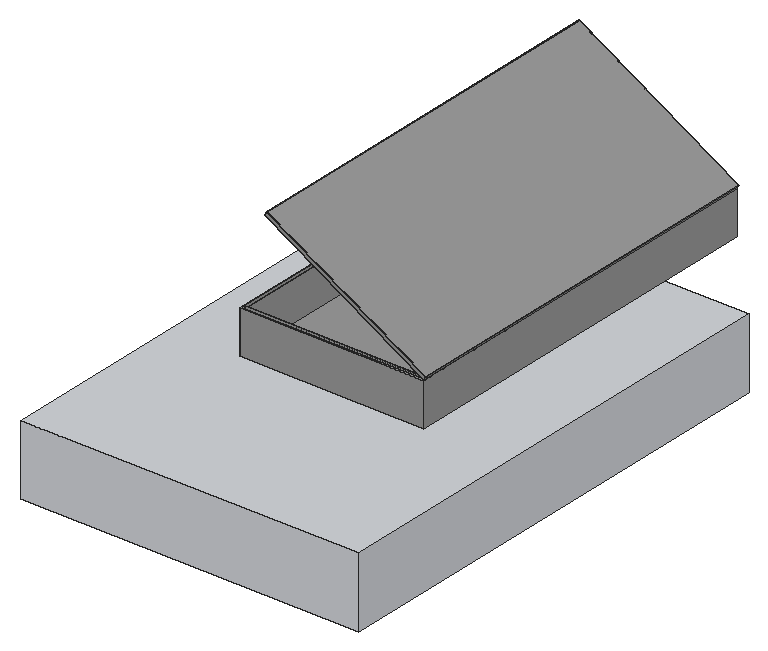
Revit family "Hager-Univers-IP54-D205-H1700-Cl.I-Encl-CH-en", category Equipement électrique, Revit 2020
Family settings
  Hôte = Face
  Configuration du panneau = Deux colonnes, circuits au sein
  Cote de connecteur circulaire = Utiliser le diamètre
  Type d'élément = Tableau de raccordement
  Couper avec des vides une fois chargée = Non
  Partagée = Non
  Point de calcul de pièce = Non
Parameters (values of type "Surface mounted (plaster) IP54 W800 H1700 D205  - FP13TW2")
  Width Control [instance] = if([EF000008 - Width] > Min Width, [EF000008 - Width], Min Width)  # 800 mm
  Commentaires du type = [HG000003 - Range]  # "Univers"
  Thickness Door [instance] = if([EF009171 - Material plate thickness door/cover] > 3 mm, 3 mm, [EF009171 - Material plate thickness door/cover])  # 1 mm
  Seal Frame Offset [instance] = 17 mm  # constant formula
  Plinth Visibility [instance] = [HG000027 - Plinth height] > 0 mm  # no
  Model = ""
  Min Width [instance] = 100 mm  # constant formula
  Min Height [instance] = 100 mm  # constant formula
  Min Depth [instance] = (2 * [EF009170 - Material plate thickness cabinet]) + 1 mm  # 3 mm
  Internal Frame Depth [instance] = (Door System Depth * 0.5)  # 9 mm
  Height Control [instance] = if([EF000040 - Height] > Min Height, [EF000040 - Height], Min Height)  # 1700 mm
  HG000027 - Plinth height = 0 mm
  HG000026 - Floor standing = no
  HG000024 - Bottom section height = 800 mm
  HG000023 - Double section enclosure = no
  HG000016 - Door 3d visibility [instance] = yes
  HG000015 - Clearance visibility [instance] = no
  HG000014 - Door on the right [instance] = yes
  HG000013 - Door on the left [instance] = not([HG000014 - Door on the right])  # no
  HG000012 - Door swing angle [instance] = 30.00°
  HG000010 - Asymmetric doors = no
  HG000009 - Double swing door = no
  HG000006 - Flush mounted = no
  HG000004 - Manufacturer reference = "FP13TW2"
  HG000003 - Range = "Univers"
  HG000002 - With door or cover = yes
  Frame Offset Bottom [instance] = 10 mm  # constant formula
  Frame Offset [instance] = 15 mm  # constant formula
  EF015940 - Cover with overpressure release = no
  EF011959 - Degree of protection (NEMA) = ""
  EF009554 - Number of openings for flange plates = 6
  EF009212 - Cover model = "EV000116 - Closed"
  EF009171 - Material plate thickness door/cover = 1 mm
  EF009170 - Material plate thickness cabinet = 1 mm
  Fabricant = "Hager"  # constant formula
  EF008873 - Nominal current (In) = 400 A
  EF007800 - Suitable for lightning protection = no
  EF006306 - With lock = no
  EF006244 - Transparent cover/door = no
  EF005474 - Degree of protection (IP) = "EV006419 - IP54"
  EF004464 - Type of door = "EV002646 - Single"
  EF004427 - Number of modules = 396
  EF004293 - Impact strength = "EV006815 - IK09"
  EF003532 - Suitable for outdoor use = no
  EF002950 - Width in number of modular spacings = 36
  EF001613 - Circuit integrity = "EV000494 - None"
  EF001596 - Material housing = "EV000179 - Steel"
  EF001131 - Internal depth = 205 mm
  EF001088 - Extension possible = yes
  EF000437 - Number of conduit inlets = 6
  EF000339 - Type of cover = "EV001012 - Cover"
  EF000266 - Number of rows = 11
  EF000218 - Built-in depth = 205 mm
  EF000118 - With mounting plate = no
  EF000116 - RAL-number = "9010"
  EF000049 - Depth = 205 mm
  EF000040 - Height = 1700 mm
  EF000008 - Width = 800 mm
  EF000007 - Colour = "EV000202 - White"
  EF000003 - Mounting method = "EV000384 - Surface mounted (plaster)"
  Door System Leaf Tolerance [instance] = 1.5 mm  # constant formula
  Door System Depth [instance] = 18 mm  # constant formula
  Door Height [instance] = Height Control - [HG000027 - Plinth height]  # 1700 mm
  Depth Control [instance] = if([EF000049 - Depth] > Min Depth, [EF000049 - Depth], Min Depth)  # 205 mm
  Default Elevation = 0 mm
  Connector Offset [instance] = Height Control / 2  # 850 mm
  Bottom Top Plate Trim [instance] = 1.5 mm  # constant formula
  Plinth height Ctrl [instance] = if([HG000027 - Plinth height] > 0 mm, [HG000027 - Plinth height], 12 mm)  # 12 mm
Types (5, lengths in mm): name | Width Control | HG000009 - Double swing door | HG000004 - Manufacturer reference | EF009554 - Number of openings for flange plates | EF008873 - Nominal current (In) | EF004464 - Type of door | EF004427 - Number of modules | EF002950 - Width in number of modular spacings | EF000437 - Number of conduit inlets | EF000008 - Width
  Surface mounted (plaster) IP54 W1050 H1700 D205  - FP14TW2 | 1050 | yes | "FP14TW2" | 8 | 400 A | "EV003602 - Double" | 528 | 48 | 8 | 1050
  Surface mounted (plaster) IP54 W1300 H1700 D205  - FP15TW2 | 1300 | no | "FP15TW2" | 10 | 400 A | "EV003602 - Double" | 660 | 60 | 10 | 1300
  Surface mounted (plaster) IP54 W300 H1700 D205  - FP11TW2 | 300 | no | "FP11TW2" | 2 | 250 A | "EV002646 - Single" | 132 | 12 | 2 | 300
  Surface mounted (plaster) IP54 W550 H1700 D205  - FP12TW2 | 550 | no | "FP12TW2" | 4 | 250 A | "EV002646 - Single" | 264 | 24 | 4 | 550
  Surface mounted (plaster) IP54 W800 H1700 D205  - FP13TW2 | 800 | no | "FP13TW2" | 6 | 400 A | "EV002646 - Single" | 396 | 36 | 6 | 800
Reference planes
  plane 1 "Center (Front/Back)": y = 0
  plane 2: z = 0
  plane 3 "Center (Left/Right)": x = 0
  plane 4: z = 205
  plane 5: y = 1
  plane 6: y = 850
  plane 7: y = 0
  plane 8: y = 1700
  plane 9: z = 0
  plane 10: x = -385
  plane 11: x = 385
  plane 12: x = 384
  plane 13: x = -384
  plane 14: y = 1699
  plane 15: x = -383
  plane 16: x = -400
  plane 17: x = 383
  plane 18: x = 400
  plane 19: x = 399
  plane 20: x = -399
  plane 21: y = 11
  plane 22: y = 1700
  plane 23: y = 1684
  plane 24: z = 187
  plane 25: z = 1
  plane 26: z = 186
  plane 27: z = 204
Forms (mm)
  Extrusion 1, solid
    sketch origin (0, 0, 0) x (1, 0, 0) y (0, 1, 0)
      loop
        line (-702.964, 1305) -> (-702.964, -811.445) -> (766.763, -811.445) -> (766.763, 1305) -> (-702.964, 1305)
    from 0 to -304.8
  Extrusion 2, solid, material "Hager_Steel_RAL7035_Light_Grey", visible <- "Plinth Visibility", detail levels medium+fine
    sketch origin (0, 0, 0) x (1, 0, 0) y (0, 1, 0)
      loop
        line (-400, 0) -> (400, 0) -> (400, 12) -> (-400, 12) -> (-400, 0)
    from 0 to 187
  Extrusion 3, solid, material "Hager_Steel_RAL7035_Light_Grey", detail levels medium+fine
    sketch origin (0, 0, 0) x (1, 0, 0) y (0, 1, 0)
      loop
        line (-400, 0) -> (400, 0) -> (400, 1700) -> (-400, 1700) -> (-400, 0)
    from 0 to 187
  Extrusion 4, void
    sketch origin (0, 0, 0) x (1, 0, 0) y (0, 1, 0)
      loop
        line (-399, 1) -> (399, 1) -> (399, 1699) -> (-399, 1699) -> (-399, 1)
    from 1 to 186
  Extrusion 5, void
    sketch origin (-381.607, -4572, 187) x (0, -1, 0) y (-1, 0, 0)
      loop
        line (-4583, 2.393) -> (-6256, 2.393) -> (-6256, -765.607) -> (-4583, -765.607) -> (-4583, 2.393)
    from 0 to 1 <- "EF009170 - Material plate thickness cabinet"
  Extrusion 6, solid, material "Hager_Steel_RAL7035_Light_Grey", detail levels fine
    sketch origin (0, 0, 187) x (1, 0, 0) y (0, 1, 0)
      loop
        line (-384, 1684) -> (-384, 11) -> (384, 11) -> (384, 1684) -> (-384, 1684)
      loop
        line (-385, 10) -> (385, 10) -> (385, 1685) -> (-385, 1685) -> (-385, 10)
    from 0 to 9 <- "Internal Frame Depth"
  Extrusion 7, solid, material "Hager_Steel_RAL7035_Light_Grey", detail levels coarse
    sketch origin (0, 0, 0) x (1, 0, 0) y (0, 1, 0)
      loop
        line (-400, 0) -> (400, 0) -> (400, 1700) -> (-400, 1700) -> (-400, 0)
    from 0 to 205
  Sweep 8, void
    path in 3D
      loop
        line (-400, 12, 0) -> (400, 12, 0) -> (400, 12, 187) -> (-400, 12, 187) -> (-400, 12, 0)
    profile origin (-400, 12, 93.5) x (-1, 0, 0) y (0, -1, 0)
      loop
        line (0, 0) -> (0, 1.5) -> (-1.5, 1.5)
        arc (-1.5, 1.5) -> (-1.061, 0.439) -> (0, 0) r 1.5
Cuts and joins
  Extrusion 4, Extrusion 5 cuts Extrusion 3
  Sweep 8 cuts Extrusion 2
Lines and regions (mm)
  Masking region 1
    outline origin (0, 0, 0) x (1, 0, 0) y (0, 0, 1)
      loop
        line (-400, 205) -> (-400, 0) -> (400, 0) -> (400, 205) -> (-400, 205)
  Masking region 2, detail levels medium+fine
    outline origin (0, 140, 0) x (0, 1, 0) y (0, 0, 1)
      loop
        line (-140, 0) -> (1560, 0) -> (1560, 187) -> (-140, 187) -> (-140, 0)
  Masking region 3, not visible, detail levels medium+fine
    outline origin (0, 297.922, 0) x (0, 1, 0) y (0, 0, 1)
      loop
        line (563.578, 0) -> (603.578, 0) -> (603.578, 194)
        arc (603.578, 194) -> (600.649, 201.071) -> (593.578, 204) r 10
        line (593.578, 204) -> (563.578, 204) -> (563.578, 0)
  Masking region 4, detail levels coarse
    outline origin (0, 0, 180) x (0, 1, 0) y (0, 0, 1)
      loop
        line (0, -180) -> (1700, -180) -> (1700, 25) -> (0, 25) -> (0, -180)
  Masking region 5, visible <- "Plinth Visibility", detail levels medium+fine
    outline origin (0, 52.24, 12.345) x (0, 0, -1) y (0, 1, 0)
      loop
        line (10.845, -40.24) -> (-173.155, -40.24)
        arc (-173.155, -40.24) -> (-173.594, -41.301) -> (-174.655, -41.74) r 1.5
        line (-174.655, -41.74) -> (-174.655, -52.24) -> (12.345, -52.24) -> (12.345, -41.74)
        arc (12.345, -41.74) -> (11.285, -41.301) -> (10.845, -40.24) r 1.5
  Masking region 6, detail levels medium+fine
    outline origin (-381.607, -4572, 187) x (-1, 0, 0) y (0, -1, 0)
      loop
        line (18.393, -6272) -> (18.393, -4572) -> (-781.607, -4572) -> (-781.607, -6272) -> (18.393, -6272)
  Masking region 7, visible <- "Plinth Visibility", detail levels medium+fine
    outline origin (-381.607, -4727, 187) x (-1, 0, 0) y (0, -1, 0)
      loop
        arc (16.893, -4739) -> (17.332, -4737.939) -> (18.393, -4737.5) r 1.5
        line (18.393, -4737.5) -> (18.393, -4727) -> (-781.607, -4727) -> (-781.607, -4737.5)
        arc (-781.607, -4737.5) -> (-780.546, -4737.939) -> (-780.107, -4739) r 1.5
        line (-780.107, -4739) -> (16.893, -4739)
  Masking region 8, detail levels coarse
    outline origin (-442.548, -4669.526, 187) x (-1, 0, 0) y (0, -1, 0)
      loop
        line (-42.548, -6369.526) -> (-42.548, -4669.526) -> (-842.548, -4669.526) -> (-842.548, -6369.526) -> (-42.548, -6369.526)
  sketch lines
    curve 1: line (-400, 12, 187) -> (-400, 12, 0)
    curve 2: line (400, 12, 187) -> (-400, 12, 187)
    curve 3: line (400, 12, 187) -> (400, 12, 0)
    curve 4: line (-400, 12, 0) -> (400, 12, 0)
Dimensions and locks
  "Depth Control": plane 4 to Extrusion 1
  "HG000027 - Plinth height": plane 1 "Center (Front/Back)" to plane 7
  "EF009170 - Material plate thickness cabinet": plane 5 to plane 7
  locked: connector elem to plane 3 "Center (Left/Right)"
  equal spacing: plane 8, plane 6, plane 7
  locked: connector elem to plane 6
  "EF009170 - Material plate thickness cabinet": plane 8 to plane 14
  "EF009170 - Material plate thickness cabinet": plane 10 to plane 13
  "EF009170 - Material plate thickness cabinet": plane 12 to plane 11
  "Frame Offset": plane 20 to plane 13
  "Frame Offset": plane 12 to plane 19
  "EF009170 - Material plate thickness cabinet": plane 16 to plane 20
  "EF009170 - Material plate thickness cabinet": plane 19 to plane 18
  "Seal Frame Offset": plane 16 to plane 15
  "Seal Frame Offset": plane 17 to plane 18
  "Frame Offset Bottom": plane 21 to plane 5
  "Frame Offset": plane 14 to plane 23
  equal spacing: plane 16, plane 3 "Center (Left/Right)", plane 18
  "Width Control": plane 16 to plane 18
  "EF009170 - Material plate thickness cabinet": plane 4 to plane 27
  "EF009170 - Material plate thickness cabinet": plane 24 to plane 26
  "EF009170 - Material plate thickness cabinet": plane 25 to level
  "Door System Depth": plane 4 to plane 24
  "Height Control": plane 1 "Center (Front/Back)" to Extrusion 7 sketch curve
  "Height Control": Masking region 4 sketch curve to plane 1 "Center (Front/Back)"
  "Height Control": plane 1 "Center (Front/Back)" to plane 22
  "Bottom Top Plate Trim": profile plane to Sweep 8 sketch curve
  "Bottom Top Plate Trim": Sweep 8 sketch curve to profile plane
  "Plinth height Ctrl": plane 1 "Center (Front/Back)" to Extrusion 2 sketch curve
  "Plinth height Ctrl": Masking region 5 sketch curve to plane 1 "Center (Front/Back)"
  "Plinth height Ctrl": plane 1 "Center (Front/Back)" to Masking region 7 sketch curve
  "Thickness Door": Extrusion 6 sketch curve to Extrusion 6 sketch curve  (x3)
  "Thickness Door": cut or joined group of Extrusion 3, Extrusion 4, Extrusion 5 to Extrusion 6 sketch curve
  radius of Masking region 3 sketch curve = 10 mm
  "Bottom Top Plate Trim": radius of Masking region 5 sketch curve  (x2)
  "Bottom Top Plate Trim": radius of Sweep 8 sketch curve
  "Bottom Top Plate Trim": radius of Masking region 7 sketch curve  (x2)
  aligned and locked: plane 2 to Extrusion 1
  aligned and locked: level to Extrusion 1
  aligned and locked: level to Masking region 1 sketch curve
  aligned and locked: Masking region 1 sketch curve to plane 18
  aligned and locked: Masking region 1 sketch curve to plane 16
  aligned and locked: plane 7 to Masking region 2 sketch curve
  aligned and locked: level to Masking region 3 sketch curve
  aligned and locked: Masking region 3 sketch curve to plane 27
  aligned and locked: level to Masking region 2 sketch curve
  aligned and locked: plane 1 "Center (Front/Back)" to Extrusion 2 sketch curve
  aligned and locked: Extrusion 3 sketch curve to plane 7
  aligned and locked: plane 16 to Extrusion 3 sketch curve
  aligned and locked: plane 18 to Extrusion 3 sketch curve
  aligned and locked: plane 20 to Extrusion 4 sketch curve
  aligned and locked: plane 19 to Extrusion 4 sketch curve
  aligned and locked: Extrusion 4 sketch curve to plane 5
  aligned and locked: Extrusion 4 to plane 25
  aligned and locked: plane 26 to Extrusion 4
  aligned and locked: plane 24 to Extrusion 3
  aligned and locked: Extrusion 5 sketch curve to plane 21
  aligned and locked: Extrusion 5 sketch curve to plane 13
  aligned and locked: Extrusion 5 sketch curve to plane 12
  aligned and locked: plane 18 to Extrusion 7 sketch curve
  aligned and locked: plane 1 "Center (Front/Back)" to Extrusion 7 sketch curve
  aligned and locked: plane 16 to Extrusion 7 sketch curve
  aligned and locked: plane 4 to Extrusion 7
  aligned and locked: Extrusion 7 to level
  aligned and locked: level to Masking region 4 sketch curve
  aligned and locked: Masking region 4 sketch curve to plane 1 "Center (Front/Back)"
  aligned and locked: Masking region 4 sketch curve to plane 4
  aligned and locked: nested 1 to level
  aligned and locked: nested 1 to plane 16
  aligned and locked: plane 8 to Extrusion 3 sketch curve
  aligned and locked: plane 23 to Extrusion 5 sketch curve
  aligned and locked: plane 14 to Extrusion 4 sketch curve
  aligned and locked: Masking region 2 sketch curve to plane 8
  aligned and locked: level to Masking region 5 sketch curve
  aligned and locked: plane 16 to Extrusion 2 sketch curve
  aligned and locked: plane 18 to Extrusion 2 sketch curve
  aligned and locked: Masking region 5 sketch curve to plane 24
  aligned and locked: Masking region 2 sketch curve to plane 24
  aligned and locked: plane 24 to Extrusion 2
  aligned and locked: profile plane to Sweep 8 sketch curve  (x2)
  aligned and locked: Masking region 6 sketch curve to plane 18
  aligned and locked: Masking region 6 sketch curve to plane 22
  aligned and locked: Masking region 6 sketch curve to plane 16
  aligned and locked: plane 8 to plane 22
  aligned and locked: Masking region 6 sketch curve to plane 7
  aligned and locked: Masking region 7 sketch curve to plane 16
  aligned and locked: Masking region 7 sketch curve to plane 1 "Center (Front/Back)"
  aligned and locked: Masking region 7 sketch curve to plane 18
  aligned and locked: Masking region 8 sketch curve to plane 1 "Center (Front/Back)"
  aligned and locked: Masking region 8 sketch curve to plane 18
  aligned and locked: Masking region 8 sketch curve to plane 22
  aligned and locked: Masking region 8 sketch curve to plane 16
  aligned and locked: nested 2 to plane 7
  aligned and locked: plane 3 "Center (Left/Right)" to nested 2
  aligned and locked: nested 2 to plane 24
  aligned and locked: Extrusion 6 sketch curve to cut or joined group of Extrusion 3, Extrusion 4, Extrusion 5  (x4)
Automatic sketch dimensions
  Extrusion 1 sketch curve to Extrusion 1 sketch curve = 1469.727 mm
  Extrusion 1 sketch curve to Extrusion 1 sketch curve = 2116.445 mm
  Masking region 1 sketch curve to plane 4 = 0 mm
  plane 6 to Masking region 3 sketch curve = 11.5 mm
  Masking region 3 sketch curve to Masking region 3 sketch curve = 30 mm
  Masking region 5 sketch curve to plane 1 "Center (Front/Back)" = 0 mm
Nested families
  nested 1: "Hager_Enclosure_Symbol" at (-400, 0, 0) x (1, 0, 0) z (0, -1, 0), Height <- "Depth Control", Width <- "Width Control", type "Hager_Enclosure_Symbol"
    with Width_Ctrl 800 mm, Width 800 mm, Height_Ctrl 205 mm, Height 205 mm, A_Width_Int 13.453 mm, A_Width 161.438 mm, A_Height_Ctrl 179.375 mm, A_Height 179.375 mm
  nested 2: "EC000058_Univers_Door" at (0, 0, 187) x (1, 0, 0) z (0, 1, 0), Leaf_Tolerance <- "Door System Leaf Tolerance", Angle <- "HG000012 - Door swing angle", Door_Depth <- "Door System Depth", Door_Left <- "HG000013 - Door on the left", Transparent <- "EF006244 - Transparent cover/door", Assymetrical <- "HG000010 - Asymmetric doors", Width <- "Width Control", Clearance <- "HG000015 - Clearance visibility", Double <- "HG000009 - Double swing door", 3d_Door <- "HG000016 - Door 3d visibility", Lock_Visibility <- "EF006306 - With lock", Width_Ctrl <- "Width Control", Door_Right <- "HG000014 - Door on the right", Door <- "HG000002 - With door or cover", Height <- "Door Height", Thickness <- "Thickness Door", type "EC000058_Univers_Door", detail levels medium+fine
    with min_wh 3 mm, Width_Ctrl 800 mm, Width 800 mm, Transparent no, Thickness 1 mm, Seal_Material Hager_Rubber, Lock_Visibility no, Lock_Material Hager_Plastic_RAL9005_Jet_Black, Leaf_Width 800 mm, Leaf_Tolerance_External_Sides 0 mm, Leaf_Tolerance 1.5 mm, Leaf_Offset 0 mm, Leaf_Height 1697 mm, Leaf_2_Width 800 mm, Leaf_2_Offset 400 mm, Leaf_1_Width 800 mm, Leaf_1_Offset 400 mm, Height_Ctrl 1700 mm, Height 1700 mm, Glass_Material Hager_Glass, Double_Clearance_Ctrl no, Double no, Door_Right_Ctrl yes, Door_Right yes, Door_Material Hager_Steel_RAL7035_Light_Grey, Door_Left_Ctrl no, Door_Left no, Door_Depth 18 mm, Door yes, Clearance_Material Hager_Clearance, Clearance_Depth 800 mm, Clearance_Ctrl no, Clearance no, Assymetrical no, Angle 30.00°, 3d_Door yes
Connectors
  electrical at (0, 850, 0)
    settings: on plane 9, index 1, voltage 0 V, apparent load 0 VA, apparent load phase1 0 VA, apparent load phase2 0 VA, apparent load phase3 0 VA, power factor 1, load classification "Other", number of poles 1, system type 30, power factor state 1, is connector primary yes, connector utility no, sub classification motor no, connector description ""
Definition of nested family "EC000058_Univers_Door"
  Parameters (values of type "EC000058_Univers_Door")
    min_wh [instance] = (2 * Thickness) + 1 mm  # 11 mm
    Width_Ctrl [instance] = 400 mm
    Width [instance] = 500 mm
    Transparent [instance] = yes
    Thickness [instance] = 5 mm
    Seal_Material [instance] = none
    Lock_Visibility [instance] = yes
    Lock_Material [instance] = none
    Leaf_Width [instance] = if((Width_Ctrl - 2 * Leaf_Tolerance_External_Sides) > 0 mm, (Width_Ctrl - 2 * Leaf_Tolerance_External_Sides), min_wh)  # 400 mm
    Leaf_Tolerance_External_Sides [instance] = 0 mm  # constant formula
    Leaf_Tolerance [instance] = 1.5 mm
    Leaf_Offset [instance] = 0 mm  # constant formula
    Leaf_Height [instance] = if((Height_Ctrl - 2 * Leaf_Tolerance) > 0 mm, (Height_Ctrl - 2 * Leaf_Tolerance), min_wh)  # 497 mm
    Leaf_2_Width [instance] = if(and(and(Double, Assymetrical), Door_Left), (Leaf_Width / 3) - (Leaf_Tolerance / 2), if(and(and(Double, Assymetrical), Door_Right), (Leaf_Width / 3) * 2 - (Leaf_Tolerance / 2), if(and(Double, not(Assymetrical)), (Leaf_Width / 2) - Leaf_Tolerance, Leaf_Width)))  # 400 mm
    Leaf_2_Offset [instance] = if(and(Double, Assymetrical), Leaf_2_Width / 2, if(and(Double, not(Assymetrical)), Leaf_Width / 4, Leaf_Width / 2))  # 200 mm
    Leaf_1_Width [instance] = if(and(and(Double, Assymetrical), Door_Right), (Leaf_Width / 3) - (Leaf_Tolerance / 2), if(and(and(Double, Assymetrical), Door_Left), (Width / 3) * 2 - (Leaf_Tolerance / 2), if(and(Double, not(Assymetrical)), (Leaf_Width / 2) - Leaf_Tolerance, Leaf_Width)))  # 400 mm
    Leaf_1_Offset [instance] = if(and(Double, Assymetrical), Leaf_1_Width / 2, if(and(Double, not(Assymetrical)), Leaf_Width / 4, Leaf_Width / 2))  # 200 mm
    Height_Ctrl [instance] = if(Height > min_wh, Height, min_wh)  # 500 mm
    Height [instance] = 500 mm
    Glass_Material [instance] = none
    Double_Clearance_Ctrl [instance] = and(Double, Clearance)  # no
    Double [instance] = no
    Door_Right_Ctrl [instance] = and(or(Door_Right, Double), Door)  # yes
    Door_Right [instance] = yes
    Door_Material [instance] = none
    Door_Left_Ctrl [instance] = and(or(Door_Left, Double), Door)  # no
    Door_Left [instance] = no
    Door_Depth [instance] = 30 mm
    Door [instance] = yes
    Default Elevation = 1219.2 mm
    Clearance_Material [instance] = none
    Clearance_Depth [instance] = if(Leaf_1_Width > Leaf_2_Width, Leaf_1_Width, Leaf_2_Width)  # 400 mm
    Clearance_Ctrl [instance] = and(not(Double), Clearance)  # yes
    Clearance [instance] = yes
    Assymetrical [instance] = yes
    Angle [instance] = 30.00°
    3d_Door [instance] = yes
  Reference planes
    plane 1 "Center (Front/Back)": y = 0
    plane 2 "Bottom": z = 0
    plane 3 "Center (Left/Right)": x = 0
    plane 4: z = 500
    plane 5: x = -200
    plane 6: x = 200
    plane 7: z = 500
    plane 8: x = -200
    plane 9: z = 0
    plane 10: x = 200
    plane 11: y = 0
    plane 12: z = 1.5
    plane 13: x = -600
    plane 14: y = -400
    plane 15: x = 600
    plane 16: x = 0
    plane 17: x = 0
    plane 18: x = -200
    plane 19: x = 200
    plane 20: z = 498.5
  Forms (mm)
    Extrusion 1, solid, material <- "Clearance_Material", visible <- "Double_Clearance_Ctrl"
      sketch origin (1200, 0, 0) x (1, 0, 0) y (0, 0, -1)
        loop
          line (-1800, -498.5) -> (-600, -498.5) -> (-600, 0) -> (-1800, 0) -> (-1800, -498.5)
      from 0 to -400
  Dimensions and locks
    equal spacing: plane 5, plane 3 "Center (Left/Right)", plane 6
    "Width_Ctrl": plane 5 to plane 6
    "Leaf_Offset": plane 5 to plane 8
    "Leaf_Offset": plane 6 to plane 10
    "Leaf_Offset": plane 9 to level
    "Leaf_Offset": plane 4 to plane 7
    "Height_Ctrl": plane 4 to level
    "Leaf_Tolerance": plane 12 to plane 9
    locked: plane 11 to plane 1 "Center (Front/Back)"
    "Leaf_1_Offset": plane 18 to plane 16
    "Leaf_2_Offset": plane 17 to plane 19
    "Leaf_1_Width": plane 13 to plane 8
    "Leaf_2_Width": plane 10 to plane 15
    "Clearance_Depth": plane 14 to plane 1 "Center (Front/Back)"
    "Leaf_Tolerance_External_Sides": plane 8 to plane 18
    "Leaf_Tolerance_External_Sides": plane 19 to plane 10
    "Leaf_Tolerance": plane 7 to plane 20
    aligned and locked: level to plane 2 "Bottom"
    aligned and locked: nested 1 to plane 16
    aligned and locked: nested 2 to plane 17
    aligned and locked: Extrusion 1 to plane 13
    aligned and locked: plane 15 to Extrusion 1
    aligned and locked: Extrusion 1 to plane 14
    aligned and locked: plane 12 to nested 1
    aligned and locked: nested 2 to plane 12
    aligned and locked: Extrusion 1 to plane 11
    aligned and locked: plane 20 to Extrusion 1
    aligned and locked: nested 2 to plane 11
    aligned and locked: nested 1 to plane 11
  Automatic sketch dimensions
    Extrusion 1 sketch curve to level = 0 mm
    plane 5 to Extrusion 1 sketch curve = 400 mm
    plane 6 to Extrusion 1 sketch curve = 400 mm
    Extrusion 1 sketch curve to plane 4 = 1.5 mm
  Nested families
    nested 1: "EC000058_Univers_Door_Leaf" at (0, 0, 1.5), Width <- "Leaf_1_Width", visible <- "Door_Left_Ctrl", Leaf_Height <- "Leaf_Height", Angle <- "Angle", 3d_Door <- "3d_Door", Transparent <- "Transparent", Clearance Material <- "Clearance_Material", Clearance <- "Clearance_Ctrl", Door_Material <- "Door_Material", Glass_Material <- "Glass_Material", Door_Depth <- "Door_Depth", Lock_Material <- "Lock_Material", Seal_Material <- "Seal_Material", Lock_Visibility <- "Lock_Visibility", Thickness <- "Thickness", type "EC000058_Univers_Door_Leaf"
      with Width 400 mm, Transparent_Glass_Offset 30 mm, Transparent_Ctrl yes, Transparent yes, Thickness 5 mm, Standard no, Seal_Material none, Seal_D2 8 mm, Seal_D1 1 mm, Offset_Internal_Frame 10 mm, Lock_Width 20 mm, Lock_Visibility_3d yes, Lock_Visibility yes, Lock_Thickness_3 3 mm, Lock_Thickness_2 1 mm, Lock_Thickness_1 3 mm, Lock_Radius_Offset_2 16 mm, Lock_Radius_Offset_1 15 mm, Lock_Radius_2 5 mm, Lock_Radius 6 mm, Lock_Offset 5 mm, Lock_Material none, Lock_Height 80 mm, Lock_Cover_Top_Offset_2d 17 mm, Lock_Cover_Height -65 mm, Leaf_Height 497 mm, Internal_Seal_Thickness 8 mm, Internal_Seal_Depth_2 4.5 mm, Internal_Frame_Depth 25 mm, Glass_Thickness -1 mm, Glass_Offset -2 mm, Glass_Material none, Door_Material none, Door_Depth 30 mm, Clearance Material none, Clearance yes, Angle_Ctrl 30.00°, Angle 30.00°, 3d_Door yes
    nested 2: "EC000058_Univers_Door_Leaf" at (0, 0, 1.5) x (-1, 0, 0) z (0, 0, 1), Width <- "Leaf_2_Width", visible <- "Door_Right_Ctrl", Leaf_Height <- "Leaf_Height", Angle <- "Angle", 3d_Door <- "3d_Door", Transparent <- "Transparent", Clearance Material <- "Clearance_Material", Clearance <- "Clearance_Ctrl", Door_Material <- "Door_Material", Glass_Material <- "Glass_Material", Door_Depth <- "Door_Depth", Lock_Material <- "Lock_Material", Seal_Material <- "Seal_Material", Lock_Visibility <- "Lock_Visibility", Thickness <- "Thickness", type "EC000058_Univers_Door_Leaf"
      with Width 400 mm, Transparent_Glass_Offset 30 mm, Transparent_Ctrl yes, Transparent yes, Thickness 5 mm, Standard no, Seal_Material none, Seal_D2 8 mm, Seal_D1 1 mm, Offset_Internal_Frame 10 mm, Lock_Width 20 mm, Lock_Visibility_3d yes, Lock_Visibility yes, Lock_Thickness_3 3 mm, Lock_Thickness_2 1 mm, Lock_Thickness_1 3 mm, Lock_Radius_Offset_2 16 mm, Lock_Radius_Offset_1 15 mm, Lock_Radius_2 5 mm, Lock_Radius 6 mm, Lock_Offset 5 mm, Lock_Material none, Lock_Height 80 mm, Lock_Cover_Top_Offset_2d 17 mm, Lock_Cover_Height -65 mm, Leaf_Height 497 mm, Internal_Seal_Thickness 8 mm, Internal_Seal_Depth_2 4.5 mm, Internal_Frame_Depth 25 mm, Glass_Thickness -1 mm, Glass_Offset -2 mm, Glass_Material none, Door_Material none, Door_Depth 30 mm, Clearance Material none, Clearance yes, Angle_Ctrl 30.00°, Angle 30.00°, 3d_Door yes
  Definition of nested family "EC000058_Univers_Door_Leaf"
    Parameters (values of type "EC000058_Univers_Door_Leaf")
      Width [instance] = 2000 mm
      Transparent_Glass_Offset [instance] = 30 mm
      Transparent_Ctrl [instance] = and(Transparent, [3d_Door])  # yes
      Transparent [instance] = yes
      Thickness [instance] = 5 mm
      Standard [instance] = and(not(Transparent), [3d_Door])  # no
      Seal_Material [instance] = none
      Seal_D2 [instance] = 8 mm  # constant formula
      Seal_D1 [instance] = 1 mm  # constant formula
      Offset_Internal_Frame [instance] = 10 mm  # constant formula
      Lock_Width [instance] = 20 mm  # constant formula
      Lock_Visibility_3d [instance] = and(Lock_Visibility, [3d_Door])  # yes
      Lock_Visibility [instance] = yes
      Lock_Thickness_3 [instance] = 3 mm  # constant formula
      Lock_Thickness_2 [instance] = 1 mm  # constant formula
      Lock_Thickness_1 [instance] = 3 mm  # constant formula
      Lock_Radius_Offset_2 [instance] = Lock_Radius_Offset_1 + 1 mm  # 16 mm
      Lock_Radius_Offset_1 [instance] = 15 mm  # constant formula
      Lock_Radius_2 [instance] = Lock_Radius - 1 mm  # 5 mm
      Lock_Radius [instance] = 6 mm  # constant formula
      Lock_Offset [instance] = 5 mm  # constant formula
      Lock_Material [instance] = none
      Lock_Height [instance] = 80 mm  # constant formula
      Lock_Cover_Top_Offset_2d [instance] = Lock_Radius_Offset_2 + 1 mm  # 17 mm
      Lock_Cover_Height [instance] = -(Lock_Height - Lock_Radius_Offset_1)  # -65 mm
      Leaf_Height [instance] = 2720.336 mm
      Internal_Seal_Thickness [instance] = 8 mm  # constant formula
      Internal_Seal_Depth_2 [instance] = 4.5 mm  # constant formula
      Internal_Frame_Depth [instance] = if(Door_Depth - Thickness > 5 mm, Door_Depth - Thickness, 5 mm)  # 25 mm
      Glass_Thickness [instance] = if(Thickness > 15 mm, Glass_Offset + 10 mm, -1 mm)  # -1 mm
      Glass_Offset [instance] = if(Thickness > 15 mm, -(Thickness + 10 mm) / 2, -2 mm)  # -2 mm
      Glass_Material [instance] = none
      Door_Material [instance] = none
      Door_Depth [instance] = 30 mm
      Default Elevation = 0 mm
      Clearance Material [instance] = none
      Clearance [instance] = yes
      Angle_Ctrl [instance] = if(Angle > 180.00°, 180.00°, Angle)  # 90.00°
      Angle [instance] = 90.00°
      3d_Door [instance] = yes
    Reference planes
      plane 1 "Center (Front/Back)": y = 0
      plane 2: z = 0
      plane 3 "Center (Left/Right)": x = 0
      plane 4: y = 2000
      plane 5: x = -1000
      plane 6: x = 1000
      plane 7: x = -3000
      plane 8: z = 2720.336
      plane 9: z = 30
      plane 10: z = 2690.336
      plane 11: x = 970
      plane 12: x = -970
      plane 13: y = -3
      plane 14: z = 107.833
      plane 15: y = -5
      plane 16: y = -223.314
      plane 17: x = -1000
      plane 18: z = 1360.168
      plane 19: y = 30
    Forms (mm)
      Extrusion 1, solid, material <- "Clearance Material", visible <- "Clearance"
        sketch origin (0, 0, 0) x (1, 0, 0) y (0, 0, 1)
          loop
            line (-3000, 2720.336) -> (-3000, 0) -> (1000, 0) -> (1000, 2720.336) -> (-3000, 2720.336)
        from 0 to -2000
      Extrusion 2, solid, material <- "Door_Material", visible <- "Standard", detail levels medium+fine
        sketch origin (-1000, 0, 0) x (0, 1, 0) y (-1, 0, 0)
          loop
            line (0, 30) -> (0, 25) -> (2000, 25) -> (2000, 30) -> (0, 30)
        from 0 to 2720.336 <- "Leaf_Height"
      Extrusion 3, solid, material <- "Door_Material", visible <- "Transparent_Ctrl", detail levels medium+fine
        sketch origin (-1000, 0, 0) x (0, 1, 0) y (-1, 0, 0)
          loop
            line (0, 25) -> (2000, 25) -> (2000, 30) -> (0, 30) -> (0, 25)
        from 0 to 2720.336 <- "Leaf_Height"
      Extrusion 4, void
        sketch origin (-1025, 2000, 0) x (0, 1, 0) y (0, 0, -1)
          loop
            line (-30, -2690.336) -> (-30, -30) -> (-1970, -30) -> (-1970, -2690.336) -> (-30, -2690.336)
        from 0 to 5 <- "Thickness"
      Sweep 5, solid, material <- "Seal_Material", visible <- "Transparent_Ctrl", detail levels fine
        path in 3D
          loop
            line (-1025, 30, 30) -> (-1025, 30, 2690.336) -> (-1025, 1970, 2690.336) -> (-1025, 1970, 30) -> (-1025, 30, 30)
        profile origin (-1025, 1000, 30) x (1, 0, 0) y (0, 0, 1)
          loop
            line (0, 0) -> (0, -8) -> (1, -8) -> (1, 0) -> (0, 0)
      Extrusion 6, solid, material <- "Glass_Material", visible <- "Transparent_Ctrl", detail levels medium+fine
        sketch origin (-1030, 0, 0) x (0, 1, 0) y (0, 0, -1)
          loop
            line (1970, -2690.336) -> (1970, -30) -> (30, -30) -> (30, -2690.336) -> (1970, -2690.336)
        from -2 <- "Glass_Offset" to -1 <- "Glass_Thickness"
      Extrusion 7, solid, material <- "Door_Material", visible <- "3d_Door", detail levels medium+fine
        sketch origin (-1025, 2000, 0) x (0, -1, 0) y (0, 0, -1)
          loop
            line (0, -2720.336) -> (2000, -2720.336) -> (2000, 0) -> (0, 0) -> (0, -2720.336)
          loop
            line (1995, -5) -> (5, -5) -> (5, -2715.336) -> (1995, -2715.336) -> (1995, -5)
        from 0 to 25 <- "Internal_Frame_Depth"
      Sweep 8, solid, material <- "Seal_Material", visible <- "Transparent_Ctrl", detail levels fine
        path in 3D
          loop
            line (-1025, 0, 0) -> (-1025, 2000, 0) -> (-1025, 2000, 2720.336) -> (-1025, 0, 2720.336) -> (-1025, 0, 0)
        profile origin (-1025, 0, 1360.168) x (1, 0, 0) y (0, 1, 0)
          loop
            line (0, 10) -> (2.975, 10)
            arc (2.975, 10) -> (4.053, 10.447) -> (4.5, 11.525) r 1.525
            line (4.5, 11.525) -> (4.5, 16.527)
            arc (4.5, 16.527) -> (4.069, 17.569) -> (3.027, 18) r 1.473
            line (3.027, 18) -> (0, 18) -> (0, 10)
      Extrusion 9, solid, material <- "Lock_Material", visible <- "Lock_Visibility_3d", detail levels fine
        sketch origin (-1030, 0, 0) x (0, 1, 0) y (0, 0, -1)
          loop
            arc (1993.5, -1400.168) -> (1994.561, -1399.729) -> (1995, -1398.668) r 1.5
            line (1995, -1398.668) -> (1995, -1320.168) -> (1975, -1320.168) -> (1975, -1398.668)
            arc (1975, -1398.668) -> (1975.439, -1399.729) -> (1976.5, -1400.168) r 1.5
            line (1976.5, -1400.168) -> (1993.5, -1400.168)
        from 3 <- "Lock_Thickness_1" to 0
      Blend 10, solid, material <- "Lock_Material", visible <- "Lock_Visibility_3d", detail levels fine
        base sketch origin (-1033, 0, 0) x (0, 1, 0) y (0, 0, -1)
          loop
            line (1975, -1320.168) -> (1975, -1398.668)
            arc (1975, -1398.668) -> (1975.439, -1399.729) -> (1976.5, -1400.168) r 1.5
            line (1976.5, -1400.168) -> (1993.5, -1400.168)
            arc (1993.5, -1400.168) -> (1994.561, -1399.729) -> (1995, -1398.668) r 1.5
            line (1995, -1398.668) -> (1995, -1320.168) -> (1975, -1320.168)
        top sketch origin (-1033, 0, 0) x (0, 1, 0) y (0, 0, -1)
          loop
            line (1976, -1320.168) -> (1976, -1398.668)
            arc (1976, -1398.668) -> (1976.146, -1399.022) -> (1976.5, -1399.168) r 0.5
            line (1976.5, -1399.168) -> (1993.5, -1399.168)
            arc (1993.5, -1399.168) -> (1993.854, -1399.022) -> (1994, -1398.668) r 0.5
            line (1994, -1398.668) -> (1994, -1320.168) -> (1976, -1320.168)
        from 0 to 1 <- "Lock_Thickness_2"
      Blend 11, solid, material <- "Lock_Material", visible <- "Lock_Visibility_3d", detail levels fine
        base sketch origin (-1034, 0, 0) x (0, 1, 0) y (0, 0, -1)
          loop
            line (1978, -1320.168) -> (1978, -1384.168)
            arc (1978, -1384.168) -> (1985, -1391.168) -> (1992, -1384.168) r 7
            line (1992, -1384.168) -> (1992, -1320.168) -> (1978, -1320.168)
        top sketch origin (-1034, 0, 0) x (0, 1, 0) y (0, 0, -1)
          loop
            line (1991, -1320.168) -> (1979, -1320.168) -> (1979, -1383.168)
            arc (1979, -1383.168) -> (1985, -1389.168) -> (1991, -1383.168) r 6
            line (1991, -1383.168) -> (1991, -1320.168)
        from 0 to 3 <- "Lock_Thickness_3"
      Extrusion 12, solid, material <- "Lock_Material", visible <- "Lock_Visibility_3d", detail levels fine
        sketch origin (-1030, 1975, 1320.168) x (1, 0, 0) y (0, -1, 0)
          loop
            line (-7, -19) -> (-7, -1) -> (0, -1) -> (0, 0) -> (-8, 0) -> (-8, -20) -> (0, -20) -> (0, -19) -> (-7, -19)
        from 0 to -65 <- "Lock_Cover_Height"
      Extrusion 13, void
        sketch origin (-1038, 1995, 1320.168) x (-1, 0, 0) y (0, 0, -1)
          loop
            line (-5, -65) -> (0, -65) -> (-5, -60) -> (-5, -65)
        from 0 to 20 <- "Lock_Width"
      Extrusion 14, void
        sketch origin (-1038, 1975, 1320.168) x (0, -1, 0) y (0, 0, -1)
          loop
            circle (-10, -15.995) r 6
          loop
            circle (-10, -15.995) r 5
        from 0 to 2
      Extrusion 15, solid, material <- "Lock_Material", visible <- "Lock_Visibility_3d", detail levels medium
        sketch origin (-1030, 0, 0) x (0, 1, 0) y (0, 0, -1)
          loop
            arc (1993.5, -1400.168) -> (1994.561, -1399.729) -> (1995, -1398.668) r 1.5
            line (1995, -1398.668) -> (1995, -1320.168) -> (1975, -1320.168) -> (1975, -1398.668)
            arc (1975, -1398.668) -> (1975.439, -1399.729) -> (1976.5, -1400.168) r 1.5
            line (1976.5, -1400.168) -> (1993.5, -1400.168)
        from 8 to 0
    Cuts and joins
      Extrusion 4 cuts Extrusion 3
      Extrusion 13, Extrusion 14 cuts Extrusion 9
      Extrusion 14 cuts Blend 11
      Extrusion 13, Extrusion 14 cuts Extrusion 12
      joined: Extrusion 9, Blend 10, Blend 11, Extrusion 12
      Extrusion 14 cuts Extrusion 15
    Lines and regions (mm)
      Masking region 1, visible <- "Lock_Visibility", detail levels fine
        outline origin (0, 0, 0) x (0, 1, 0) y (0, 0, 1)
          loop
            line (30, 1320.168) -> (33, 1320.168) -> (33, 1400.168) -> (30, 1400.168) -> (30, 1320.168)
      Masking region 2, visible <- "Lock_Visibility", detail levels fine
        outline origin (0, 3.143, 0) x (0, 1, 0) y (0, 0, 1)
          loop
            line (29.857, 1354.168) -> (30.857, 1354.168) -> (30.857, 1366.168) -> (29.857, 1366.168) -> (29.857, 1354.168)
      Masking region 3, detail levels medium+fine
        outline origin (0, 0, 0) x (0, 1, 0) y (0, 0, 1)
          loop
            line (0, 0) -> (30, 0) -> (30, 2720.336) -> (0, 2720.336) -> (0, 0)
      Masking region 4, detail levels medium+fine
        outline origin (0, 0, 0) x (1, 0, 0) y (0, 0, 1)
          loop
            line (-1000, 2720.336) -> (-1000, 0) -> (1000, 0) -> (1000, 2720.336) -> (-1000, 2720.336)
      Masking region 5, visible <- "Lock_Visibility", detail levels fine
        outline origin (-47.116, 0, 0) x (1, 0, 0) y (0, 0, 1)
          loop
            arc (1024.616, 1399.168) -> (1023.556, 1398.729) -> (1023.116, 1397.668) r 1.5
            line (1023.116, 1397.668) -> (1023.116, 1320.168) -> (1041.116, 1320.168) -> (1041.116, 1397.668)
            arc (1041.116, 1397.668) -> (1040.677, 1398.729) -> (1039.616, 1399.168) r 1.5
            line (1039.616, 1399.168) -> (1024.616, 1399.168)
      Masking region 6, visible <- "Lock_Visibility", detail levels medium+fine
        outline origin (-25, 0, 0) x (1, 0, 0) y (0, 0, 1)
          loop
            arc (1001.5, 1400.168) -> (1000.439, 1399.729) -> (1000, 1398.668) r 1.5
            line (1000, 1398.668) -> (1000, 1320.168) -> (1020, 1320.168) -> (1020, 1398.668)
            arc (1020, 1398.668) -> (1019.561, 1399.729) -> (1018.5, 1400.168) r 1.5
            line (1018.5, 1400.168) -> (1001.5, 1400.168)
      Masking region 7, visible <- "Lock_Visibility", detail levels fine
        outline origin (-73.735, 0, 0) x (1, 0, 0) y (0, 0, 1)
          loop
            line (1051.735, 1382.168) -> (1065.735, 1382.168) -> (1065.735, 1384.168)
            arc (1065.735, 1384.168) -> (1058.735, 1391.168) -> (1051.735, 1384.168) r 7
            line (1051.735, 1384.168) -> (1051.735, 1382.168)
      Masking region 8, visible <- "Lock_Visibility", detail levels fine
        outline origin (-73.735, 0, 0) x (1, 0, 0) y (0, 0, 1)
          loop
            line (1052.735, 1382.168) -> (1064.735, 1382.168) -> (1064.735, 1383.168)
            arc (1064.735, 1383.168) -> (1058.735, 1389.168) -> (1052.735, 1383.168) r 6
            line (1052.735, 1383.168) -> (1052.735, 1382.168)
      Masking region 9, visible <- "Lock_Visibility", detail levels fine
        outline origin (-25, 0, 0) x (1, 0, 0) y (0, 0, 1)
          loop
            line (1020, 1320.168) -> (1020, 1382.168) -> (1000, 1382.168) -> (1000, 1320.168) -> (1020, 1320.168)
      Masking region 10, detail levels medium+fine
        outline origin (0, 0, 0) x (1, 0, 0) y (0, 0, 1)
          loop
            circle (985, 1335.144) r 6
      Masking region 11, detail levels fine
        outline origin (0, 0, 0) x (1, 0, 0) y (0, 0, 1)
          loop
            circle (985, 1335.144) r 5
      Masking region 12, visible <- "Lock_Visibility", detail levels fine
        outline origin (0, 12.767, 0) x (0, 1, 0) y (0, 0, 1)
          loop
            line (20.233, 1320.168) -> (21.233, 1320.168) -> (21.233, 1399.168) -> (20.233, 1400.168) -> (20.233, 1320.168)
      Masking region 13, visible <- "Lock_Visibility", detail levels fine
        outline origin (0, 13.767, -10) x (0, 1, 0) y (0, 0, 1)
          loop
            line (20.233, 1330.168) -> (23.233, 1330.168) -> (23.233, 1399.168) -> (20.233, 1402.168) -> (20.233, 1330.168)
      Masking region 14, visible <- "Lock_Visibility", detail levels fine
        outline origin (0, 12.767, -10) x (0, 1, 0) y (0, 0, 1)
          loop
            line (20.233, 1330.168) -> (25.233, 1330.168) -> (25.233, 1399.305) -> (20.233, 1394.305) -> (20.233, 1330.168)
      Masking region 15, visible <- "Lock_Visibility", detail levels medium
        outline origin (0, 0, 0) x (0, 1, 0) y (0, 0, 1)
          loop
            line (30, 1320.168) -> (38, 1320.168) -> (38, 1400.168) -> (30, 1400.168) -> (30, 1320.168)
      Masking region 16, visible <- "Lock_Visibility", detail levels fine
        outline origin (-1000, 0, 0) x (0, 1, 0) y (-1, 0, 0)
          loop
            line (1975, 30) -> (1995, 30) -> (1995, 38) -> (1975, 38) -> (1975, 30)
          loop
            line (1979, 37) -> (1976, 37) -> (1976, 34) -> (1978, 34) -> (1979, 37)
          loop
            line (1994, 37) -> (1991, 37) -> (1992, 34) -> (1994, 34) -> (1994, 37)
      Masking region 17, visible <- "Lock_Visibility", detail levels medium
        outline origin (-1000, 0, 0) x (0, 1, 0) y (-1, 0, 0)
          loop
            line (1975, 30) -> (1995, 30) -> (1995, 38) -> (1975, 38) -> (1975, 30)
      symbolic lines
        curve 1: line (1000, 0, 0) -> (-3000, 0, 0)
        curve 2: arc (1000, 0, 0) -> (-1000, 2000, 0) -> (-3000, 0, 0) r 2000
        curve 4: line (-1030, 0, 0) -> (-1030, 2000, 0)
      reference lines
        curve 3: line (-1000, 0, 0) -> (-1000, 2000, 0)
      symbolic lines, detail levels medium+fine
        curve 5: line (-1030, 2000, 0) -> (-1025, 2000, 0)
        curve 7: line (-1025, 0, 0) -> (-1030, 0, 0)
        curve 8: line (-1025, 0, 0) -> (-1000, 0, 0)
        curve 9: line (-1000, 0, 0) -> (-1000, 2000, 0)
        curve 10: line (-1000, 2000, 0) -> (-1025, 2000, 0)
      symbolic lines, detail levels fine
        curve 6: line (-1025, 2000, 0) -> (-1025, 0, 0)
      sketch lines
        curve 11: line (-1025, 0, 2720.336) -> (-1025, 0, 0)
        curve 12: line (-1025, 2000, 0) -> (-1025, 0, 0)
        curve 13: line (-1025, 2000, 2720.336) -> (-1025, 2000, 0)
        curve 14: line (-1025, 0, 2720.336) -> (-1025, 2000, 2720.336)
        curve 15: line (-1025, 1970, 30) -> (-1025, 30, 30)
        curve 16: line (-1025, 30, 30) -> (-1025, 30, 2690.336)
        curve 17: line (-1025, 1970, 2690.336) -> (-1025, 1970, 30)
        curve 18: line (-1025, 30, 2690.336) -> (-1025, 1970, 2690.336)
      symbolic lines, visible <- "Transparent", detail levels medium+fine
        curve 19: line (-970, 0, 2690.336) -> (970, 0, 2690.336)
        curve 20: line (-970, 0, 30) -> (-970, 0, 2690.336)
        curve 21: line (970, 0, 30) -> (-970, 0, 30)
        curve 22: line (970, 0, 2690.336) -> (970, 0, 30)
    Dimensions and locks
      "Width": plane 1 "Center (Front/Back)" to plane 4
      equal spacing: plane 5, plane 3 "Center (Left/Right)", plane 6
      "Width": plane 5 to plane 6
      "Width": plane 7 to plane 5
      "Leaf_Height": plane 8 to level
      "Width": curve 5 to curve 3
      "Width": curve 3 to curve 3
      plane 8 to plane 10 = 30 mm
      plane 9 to level = 30 mm
      plane 12 to plane 5 = 30 mm
      plane 6 to plane 11 = 30 mm
      Extrusion 1 to Extrusion 4 sketch curve = 30 mm
      "Transparent_Glass_Offset": curve 3 to Extrusion 4 sketch curve
      "Transparent_Glass_Offset": Extrusion 4 sketch curve to cut or joined group of Extrusion 3, Extrusion 4  (x2)
      cut or joined group of Extrusion 3, Extrusion 4 to Extrusion 6 sketch curve = 30 mm
      "Transparent_Glass_Offset": cut or joined group of Extrusion 3, Extrusion 4 to Extrusion 4 sketch curve
      "Thickness": curve 6 to curve 4
      "Thickness": Extrusion 7 sketch curve to Extrusion 7 sketch curve  (x4)
      "Door_Depth": curve 4 to curve 3
      "Offset_Internal_Frame": profile plane to Sweep 8 sketch curve
      "Internal_Seal_Thickness": Sweep 8 sketch curve to Sweep 8 sketch curve
      "Internal_Seal_Depth_2": profile plane to Sweep 8 sketch curve
      "Seal_D1": profile plane to Sweep 5 sketch curve
      "Seal_D2": profile plane to Sweep 5 sketch curve
      "Thickness": Extrusion 2 sketch curve to Extrusion 2 sketch curve
      equal spacing: Extrusion 9 sketch curve, plane 18, Extrusion 9 sketch curve  (x2)
      equal spacing: Masking region 1 sketch curve, plane 18, Masking region 1 sketch curve
      "Lock_Height": Masking region 1 sketch curve to Masking region 1 sketch curve
      "Lock_Radius": Masking region 2 sketch curve to plane 18 to Masking region 2 sketch curve
      Masking region 2 sketch curve to Masking region 1 = 1 mm
      "Door_Depth": plane 19 to plane 1 "Center (Front/Back)"
      "Lock_Thickness_1": Masking region 1 sketch curve to plane 19
      "Lock_Width": Extrusion 9 sketch curve to Extrusion 9 sketch curve
      "Lock_Height": Extrusion 9 sketch curve to Extrusion 9 sketch curve
      "Lock_Offset": cut or joined group of Extrusion 3, Extrusion 4 to Extrusion 9 sketch curve
      equal spacing: plane 8, plane 18, level
      "Lock_Radius_Offset_1": Blend 11 sketch curve to Blend 10
      locked: Blend 10 to Blend 11 sketch curve at 2  (x2)
      locked: var sketch to Blend 11 sketch curve at 1  (x2)
      "Lock_Radius_Offset_2": Blend 11 sketch curve to Blend 10
      locked: Extrusion 12 sketch curve to Extrusion 12 sketch curve at 1  (x3)
      Masking region 6 sketch curve to Masking region 6 sketch curve = 80 mm
      "Lock_Height": Masking region 6 sketch curve to Masking region 6 sketch curve
      "Lock_Width": Masking region 6 sketch curve to Masking region 6 sketch curve
      locked: Masking region 6 to Masking region 5 sketch curve at 1  (x3)
      locked: Masking region 5 to Masking region 7 sketch curve at 2  (x2)
      "Lock_Radius_Offset_1": Masking region 5 to Masking region 7 sketch curve
      "Lock_Radius_Offset_2": Masking region 5 to Masking region 8 sketch curve
      locked: Masking region 7 to Masking region 8 sketch curve at 1  (x2)
      "Lock_Cover_Top_Offset_2d": Masking region 5 to Masking region 9 sketch curve
      equal spacing: Masking region 9, Masking region 10 sketch curve, Masking region 9
      equal spacing: Masking region 9, Masking region 11 sketch curve, Masking region 9
      Extrusion 15 sketch curve to Extrusion 15 sketch curve = 80 mm
      "Lock_Width": Extrusion 15 sketch curve to Extrusion 15 sketch curve
      "Lock_Height": Extrusion 15 sketch curve to Extrusion 15 sketch curve
      equal spacing: Extrusion 15 sketch curve, plane 18, Extrusion 15 sketch curve
      "Lock_Thickness_3": Masking region 13 sketch curve to Masking region 13 sketch curve
      "Lock_Height": Masking region 12 sketch curve to Masking region 12 sketch curve
      locked: Masking region 13 sketch curve to Masking region 1 at 8
      locked: Masking region 14 sketch curve to Masking region 13 at 1
      locked: Masking region 14 sketch curve to Masking region 1 at 10.863
      "Lock_Height": Masking region 15 sketch curve to Masking region 15 sketch curve
      "Lock_Offset": Extrusion 15 sketch curve to cut or joined group of Extrusion 3, Extrusion 4
      "Lock_Offset": plane 6 to Masking region 6 sketch curve
      radius of Sweep 8 sketch curve = 1.525 mm
      radius of Sweep 8 sketch curve = 1.473 mm
      radius of Extrusion 9 sketch curve = 1.5 mm  (x2)
      "Lock_Radius": radius of Extrusion 14 sketch curve
      "Lock_Radius_2": radius of Extrusion 14 sketch curve
      "Lock_Radius": radius of Masking region 10 sketch curve
      "Lock_Radius_2": radius of Masking region 11 sketch curve
      radius of Extrusion 15 sketch curve = 1.5 mm  (x2)
      "Angle_Ctrl": angle plane 1 "Center (Front/Back)" to curve 3
      locked: Masking region 12 sketch curve to Masking region 12 sketch curve (angle 45.00°)
      locked: Masking region 13 sketch curve to Masking region 13 sketch curve (angle 45.00°)
      locked: Masking region 14 sketch curve to Masking region 14 sketch curve (angle 45.00°)
      aligned and locked: level to plane 2
      aligned and locked: Extrusion 1 to curve 1
      aligned and locked: plane 6 to Extrusion 1
      aligned and locked: Extrusion 1 to plane 1 "Center (Front/Back)"
      aligned and locked: plane 4 to Extrusion 1
      aligned and locked: plane 8 to Extrusion 1
      aligned and locked: curve 7 to Extrusion 2 sketch curve
      aligned and locked: curve 5 to Extrusion 2 sketch curve
      aligned and locked: curve 7 to Extrusion 3 sketch curve
      aligned and locked: Extrusion 3 sketch curve to curve 4
      aligned and locked: Extrusion 3 sketch curve to curve 6
      aligned and locked: Extrusion 3 sketch curve to curve 5
      aligned and locked: curve 9 to curve 3
      aligned and locked: Extrusion 7 sketch curve to cut or joined group of Extrusion 3, Extrusion 4  (x4)
      aligned and locked: plane 17 to curve 3
      aligned and locked: plane 1 "Center (Front/Back)" to curve 3
      aligned and locked: plane 17 to plane 5
      aligned and locked: Sweep 8 sketch curve to profile plane
      aligned and locked: Sweep 5 sketch curve to profile plane  (x2)
      aligned and locked: Masking region 1 to Masking region 2 sketch curve
      aligned and locked: plane 19 to Masking region 1 sketch curve
      aligned and locked: plane 1 "Center (Front/Back)" to Masking region 3 sketch curve
      aligned and locked: plane 19 to Masking region 3 sketch curve
      aligned and locked: level to Masking region 3 sketch curve
      aligned and locked: Masking region 3 sketch curve to plane 8
      aligned and locked: plane 17 to Masking region 4 sketch curve
      aligned and locked: level to Masking region 4 sketch curve
      aligned and locked: Masking region 4 sketch curve to plane 8
      aligned and locked: plane 12 to curve 20
      aligned and locked: plane 10 to curve 19
      aligned and locked: plane 11 to curve 22
      aligned and locked: curve 21 to plane 9
      aligned and locked: Extrusion 2 sketch curve to cut or joined group of Extrusion 3, Extrusion 4
      aligned and locked: Blend 10 sketch curve to Extrusion 9  (x4)
      aligned and locked: Extrusion 9 to Blend 10 sketch curve
      aligned and locked: Blend 10 to Blend 11 sketch curve
      aligned and locked: Extrusion 12 sketch curve to Blend 11
      aligned and locked: Extrusion 12 sketch curve to Extrusion 9  (x4)
      aligned and locked: Masking region 5 sketch curve to Masking region 6
      aligned and locked: Masking region 9 sketch curve to Masking region 6  (x3)
      aligned and locked: Masking region 12 sketch curve to Masking region 1
      aligned and locked: Masking region 13 sketch curve to Masking region 1
      aligned and locked: Masking region 12 to Masking region 14
      aligned and locked: Masking region 14 sketch curve to Masking region 1
      aligned and locked: Masking region 15 sketch curve to Masking region 14
      aligned and locked: Masking region 13 sketch curve to Masking region 12
      aligned and locked: Masking region 16 sketch curve to cut or joined group of Extrusion 14, Extrusion 15  (x4)
      aligned and locked: Masking region 16 sketch curve to cut or joined group of Extrusion 9, Blend 10, Blend 11, Extrusion 12, Extrusion 13, Extrusion 14  (x6)
      aligned and locked: cut or joined group of Extrusion 9, Blend 10, Blend 11, Extrusion 12, Extrusion 13, Extrusion 14 to Masking region 16 sketch curve
      aligned and locked: Masking region 17 sketch curve to cut or joined group of Extrusion 14, Extrusion 15  (x3)
      aligned and locked: Masking region 17 sketch curve to cut or joined group of Extrusion 9, Blend 10, Blend 11, Extrusion 12, Extrusion 13, Extrusion 14
      aligned and locked: Masking region 9 to Masking region 8 sketch curve
      aligned and locked: Masking region 9 to Masking region 7 sketch curve
    Automatic sketch dimensions
      plane 1 "Center (Front/Back)" to curve 2 = 0 mm
      curve 2 to plane 5 = 0 mm
      Extrusion 1 sketch curve to level = 0 mm
      Extrusion 1 sketch curve to plane 7 = 0 mm
      Extrusion 1 sketch curve to plane 6 = 0 mm
      Extrusion 1 sketch curve to plane 8 = 0 mm
      Extrusion 3 to Extrusion 6 sketch curve = 30 mm  (x4)
      Masking region 4 sketch curve to plane 6 = 0 mm
      Blend 10 sketch curve to Extrusion 9 = 1.5 mm
      Blend 10 sketch curve to Extrusion 9 = 1 mm
      Extrusion 13 sketch curve to Extrusion 12 = 0 mm  (x2)
      Extrusion 12 to Extrusion 13 sketch curve = 3 mm
      Extrusion 13 sketch curve to Extrusion 12 = 5 mm
      Extrusion 14 sketch curve to Extrusion 14 sketch curve = 0 mm  (x2)
      Extrusion 14 sketch curve to Extrusion 12 = 10 mm
      Extrusion 14 sketch curve to Extrusion 12 = 15.995 mm
      Masking region 5 sketch curve to Masking region 5 sketch curve = 1.5 mm  (x2)
      Masking region 10 sketch curve to plane 18 = 25.024 mm
      Masking region 11 sketch curve to plane 18 = 25.024 mm
      plane 19 to Masking region 14 sketch curve = 3 mm
      Masking region 16 sketch curve to Masking region 16 sketch curve = 3 mm
      curve 4 to curve 3 = 0 mm
      Blend 10 to Blend 11 sketch curve = 0 mm
      Masking region 6 sketch curve to Masking region 6 sketch curve = 1.5 mm  (x2)
      Masking region 6 sketch curve to plane 18 = 40 mm
      plane 19 to Masking region 12 sketch curve = 3 mm
      Masking region 12 sketch curve to Masking region 12 sketch curve = 1 mm
      Masking region 15 sketch curve to plane 19 = 0 mm
      Masking region 15 sketch curve to plane 18 = 40 mm
      radius of Blend 10 sketch curve to Extrusion 9 = 1 mm
Definition of nested family "Hager_Enclosure_Symbol"
  Parameters (values of type "Hager_Enclosure_Symbol")
    Width_Ctrl [instance] = if(Width > 1 mm, Width, 1 mm)  # 102.27 mm
    Width [instance] = 102.27 mm
    Height_Ctrl [instance] = if(Height > 1 mm, Height, 1 mm)  # 66.5 mm
    A_Width_Int [instance] = if(A_Width / 12 > 2 mm, A_Width / 12, 2 mm)  # 4.364 mm
    A_Width [instance] = if(A_Height_Ctrl * 0.9 > 2 mm, A_Height_Ctrl * 0.9, 2 mm)  # 52.369 mm
    A_Height_Ctrl [instance] = if(A_Height > 2 mm, A_Height, 2 mm)  # 58.188 mm
    Height [instance] = 66.5 mm
    A_Height [instance] = Height - (Height / 8)  # 58.188 mm
  Reference planes
    plane 1 "Centre (avant/arrière)": y = 0
    plane 2: z = 0
    plane 3 "Centre (gauche/droite)": x = 0
    plane 4: x = 52.369
    plane 5: y = 33.042
    plane 6: y = 41.77
    plane 7: y = 66.5
    plane 8: x = 26.184
    plane 9: y = 37.406
    plane 10: x = 102.27
    plane 11: y = 66.5
    plane 12: y = 8.313
  Lines and regions (mm)
    Filled region 1, type "Solid_Black", in view "Niveau de réf."
      outline origin (0, 0, 0) x (1, 0, 0) y (0, 1, 0)
        loop
          line (52.369, 66.5) -> (33.188, 54.536) -> (45.365, 45.006) -> (52.369, 66.5)
    Filled region 2, type "Solid_Black", in view "Niveau de réf."
      outline origin (0, 0, 0) x (1, 0, 0) y (0, 1, 0)
        loop
          line (0, 0) -> (102.27, 0) -> (102.27, 66.5) -> (0, 0)
    detail lines, in view "Niveau de réf."
      curve 1: line (0, 8.313, 0) -> (26.184, 41.77, 0)
      curve 2: line (26.184, 41.77, 0) -> (26.184, 33.042, 0)
      curve 3: line (26.184, 33.042, 0) -> (52.369, 66.5, 0)
  Dimensions and locks
    "A_Width": plane 3 "Centre (gauche/droite)" to plane 4
    equal spacing: plane 3 "Centre (gauche/droite)", plane 8, plane 4
    equal spacing: plane 6, plane 9, plane 5
    equal spacing: curve 3, Filled region 1 sketch curve, Filled region 1 sketch curve
    "Height_Ctrl": plane 1 "Centre (avant/arrière)" to plane 11
    "A_Height_Ctrl": plane 11 to plane 12
    equal spacing: plane 11, plane 9, plane 12
    "A_Width_Int": plane 6 to plane 9
    "Width_Ctrl": plane 3 "Centre (gauche/droite)" to plane 10
    angle Filled region 1 sketch curve to curve 3 = 20.00°
    angle curve 3 to Filled region 1 sketch curve = 20.00°
    locked: curve 3 to Filled region 1 sketch curve (angle 90.00°)
    aligned and locked: plane 10 to Filled region 2
    aligned and locked: plane 11 to Filled region 2 sketch curve
    aligned and locked: plane 10 to Filled region 2 sketch curve
    aligned and locked: plane 3 "Centre (gauche/droite)" to curve 1
    aligned and locked: plane 12 to curve 1
    aligned and locked: plane 7 to plane 11
  Automatic sketch dimensions
    Filled region 1 sketch curve to plane 4 = 0 mm
    Filled region 1 sketch curve to plane 7 = 0 mm
    plane 1 "Centre (avant/arrière)" to Filled region 2 sketch curve = 0 mm
    Filled region 2 sketch curve to plane 3 "Centre (gauche/droite)" = 0 mm
    curve 2 to plane 6 = 0 mm
    curve 2 to plane 8 = 0 mm
    curve 3 to plane 4 = 0 mm
    curve 2 to plane 5 = 0 mm
    curve 3 to plane 7 = 0 mm
